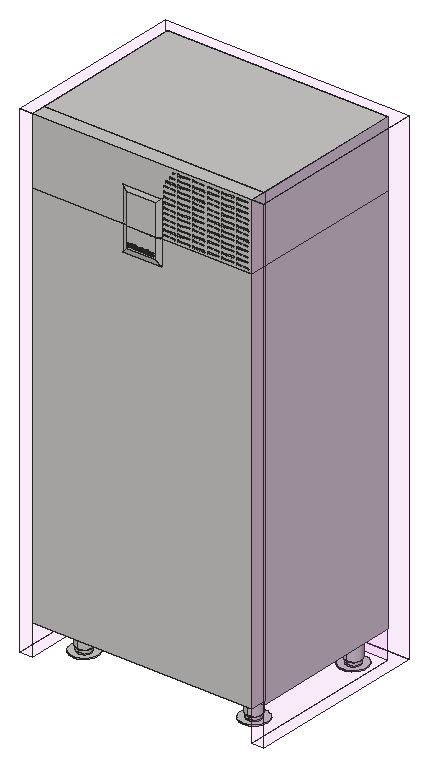
Revit family "QF_ELECTROLUXPROFESSIONAL_691380_PS09F1FM", category Specialty Equipment, Revit 2018
Family settings
  Round Connector Dimension = Use Diameter
  Part Type = Normal
  Work Plane-Based = No
  Always vertical = Yes
  Cut with Voids When Loaded = No
  Shared = No
  Room Calculation Point = No
Parameters (values of type "Standard")
  Weight = 22.6321 lbm
  Watts = 0 W
  Volts = 220 V
  URL Manufacturer = "http://professional.electrolux.com"
  URL = "http://professional.electrolux.com"
  Steam Supply Size = 0"
  Steam Supply Minimum Pressure = 0.00 psi
  Steam Supply Maximum Pressure = 0.00 psi
  Steam Pounds per Hour = 0
  Show Clearance [instance] = yes
  Refrigeration Suction Line Size = 0"
  Refrigeration Liquid Line Size = 0"
  Refrigerant Compressor Remote = yes
  Phase = 1
  Model = "PS09F1FM"
  Manufacturer = "Electrolux Professional"
  Length Actual = 900 mm  # constant formula
  Item Number = "691380"
  Hot Water Size = 0"
  Height Actual = 2040 mm  # constant formula
  HP = "0.9 HP"
  Gas Size = 0"
  Gas KW = 0
  Gas Input Pressure = 0.0 Btu/h
  Direct Waste Size = 0"
  Description = "1-DOOR FREEZER 720L-15/-22°,PROST,50/60HZ,MAR"
  Depth Actual = 700 mm  # constant formula
  Cycle = 60 Hz
  Condensate Return Size = 0"
  Compressed Air Volume = 0 GPM
  Compressed Air Size = 0"
  Compressed Air Pressure = 0.00 psi
  Cold Water Size = 0"
  Accessory = yes
Types (2, lengths in mm): name | URL | Phase | Model | Manufacturer | Description
  (no name) | "http://professional.electrolux.com/" | 0 | "RBC201" | "Electrolux" | "BLAST CHILLER 56 KG 20 GN1/1"
  Standard | "http://professional.electrolux.com" | 1 | "PS09F1FM" | "Electrolux Professional" | "1-DOOR FREEZER 720L-15/-22°,PROST,50/60HZ,MAR"
Values of the unnamed type that differ from the named types
  Volts = 380 V
  URL Manufacturer = "http://professional.electrolux.com/"
  Item Number = "726624"
  Cycle = 50 Hz
Reference planes
  plane 1 "BACK": y = 0
  plane 2: z = 0
  plane 3 "LEFT": x = 0
  plane 4 "RIGHT": x = 900
  plane 5 "FRONT": y = -700
  plane 6 "TOP": z = 2040
  plane 7 "Center Y": x = 450
  plane 8 "Center X": y = -350
  plane 9: x = 102
  plane 10: x = 798
  plane 11: z = 115
  plane 12: z = 86
  plane 13: y = -80
  plane 14: y = -694
  plane 15: y = -1527
  plane 16: y = -630
  plane 17: z = 1770
  plane 18: x = -50
  plane 19: y = 50
  plane 20: x = 950
  plane 21: z = 1995
Forms (mm)
  Extrusion 1, solid, material "QF_Metal - Stainless - Polished"
    sketch origin (0, 0, 0) x (1, 0, 0) y (0, 0, 1)
      loop
        line (0, 1995) -> (0, 1725) -> (900, 1725) -> (900, 1995) -> (0, 1995)
    from 0 to 630
  Extrusion 2, solid, material "QF_Metal - Stainless - Polished"
    sketch origin (0, 0, 0) x (1, 0, 0) y (0, 0, 1)
      loop
        line (0, 1725) -> (0, 115) -> (900, 115) -> (900, 1725) -> (0, 1725)
    from 0 to 630
  Extrusion 3, solid, material "QF_Metal - Stainless - Polished"
    sketch origin (-370, 0, -128) x (1, 0, 0) y (0, 0, 1)
      loop
        circle (450, 1847.083) r 20
    from -7.507 to 0
  Extrusion 4, solid, material "QF_Door-Drawer Clearances", visible <- "Show Clearance", detail levels coarse
    sketch origin (0, 0, 0) x (1, 0, 0) y (0, 1, 0)
      loop
        line (900, -694) -> (0, -694)
        arc (0, -694) -> (275.209, -1299.35) -> (900, -1527) r 859.201
        line (900, -1527) -> (900, -694)
    from 127.536 to 1725
  Extrusion 5, solid, material "QF_Metal - Stainless - Polished"
    sketch origin (0, 130.478, -45) x (1, 0, 0) y (0, 0, 1)
      loop
        line (0, 2040) -> (0, 1770) -> (900, 1770) -> (900, 2040) -> (0, 2040)
    from 760.478 to 824.478
  Extrusion 6, solid, material "QF_Metal - Stainless - Polished"
    sketch origin (0, 140, 0) x (1, 0, 0) y (0, 0, 1)
      loop
        line (0, 1725) -> (0, 127.536) -> (900, 127.536) -> (900, 1725) -> (0, 1725)
    from 834 to 770
  Revolve 7, solid, material "QF_Metal - Stainless - Polished"
    sketch origin (798, -2.833, 0) x (0, 1, 0) y (0, 0, -1)
      loop
        line (-590.954, -115) -> (-553.167, -115) -> (-553.167, 0) -> (-578.757, 0)
        arc (-578.757, 0) -> (-580.973, -2.655) -> (-581.767, -6.021) r 7.527
        line (-581.767, -6.021) -> (-581.767, -17.561) -> (-585.28, -21.074) -> (-585.28, -110.008) -> (-590.954, -110.008) -> (-590.954, -115)
      axis (-553.167, 0) -> (-553.167, -115)
    angle from 0 to 360
  Revolve 8, solid, material "QF_Metal - Stainless - Polished"
    sketch origin (102, -2.833, 0) x (0, 1, 0) y (0, 0, 1)
      loop
        line (-590.954, 115) -> (-590.954, 110.008) -> (-585.28, 110.008) -> (-585.28, 21.074) -> (-581.767, 17.561) -> (-581.767, 6.021)
        arc (-581.767, 6.021) -> (-580.973, 2.655) -> (-578.757, 0) r 7.527
        line (-578.757, 0) -> (-553.167, 0) -> (-553.167, 115) -> (-590.954, 115)
      axis (-553.167, 0) -> (-553.167, 115)
    angle from 0 to 360
  Revolve 9, solid, material "QF_Metal - Stainless - Polished"
    sketch origin (824, -759.167, 0) x (0, -1, 0) y (0, 0, 1)
      loop
        line (-716.954, 115) -> (-716.954, 110.008) -> (-711.28, 110.008) -> (-711.28, 21.074) -> (-707.767, 17.561) -> (-707.767, 6.021)
        arc (-707.767, 6.021) -> (-706.973, 2.655) -> (-704.757, 0) r 7.527
        line (-704.757, 0) -> (-679.167, 0) -> (-679.167, 115) -> (-716.954, 115)
      axis (-679.167, 0) -> (-679.167, 115)
    angle from 0 to 360
  Revolve 10, solid, material "QF_Metal - Stainless - Polished"
    sketch origin (76, -759.167, 0) x (0, -1, 0) y (0, 0, 1)
      loop
        line (-716.954, 115) -> (-716.954, 110.008) -> (-711.28, 110.008) -> (-711.28, 21.074) -> (-707.767, 17.561) -> (-707.767, 6.021)
        arc (-707.767, 6.021) -> (-706.973, 2.655) -> (-704.757, 0) r 7.527
        line (-704.757, 0) -> (-679.167, 0) -> (-679.167, 115) -> (-716.954, 115)
      axis (-679.167, 0) -> (-679.167, 115)
    angle from 0 to 360
  Blend 11, solid, material "QF_Metal - Stainless - Polished"
    base sketch origin (0, -694, 0) x (1, 0, 0) y (0, 0, 1)
      loop
        line (370, 1869.822) -> (370, 1619.822) -> (530, 1619.822) -> (530, 1869.822) -> (370, 1869.822)
    top sketch origin (0, -694, 0) x (1, 0, 0) y (0, 0, 1)
      loop
        line (510, 1849.822) -> (390, 1849.822) -> (390, 1639.822) -> (510, 1639.822) -> (510, 1849.822)
    from 0 to 6
  Extrusion 12, void
    sketch origin (10, -700, 0) x (-1, 0, 0) y (0, 0, 1)
      loop
        line (-370, 1725.997) -> (-530, 1725.997) -> (-530, 1724.003) -> (-370, 1724.003) -> (-370, 1725.997)
    from 0 to 6
  Extrusion 13, solid, material "QF_Door-Drawer Clearances"
    sketch origin (0, 0, 0) x (1, 0, 0) y (0, 1, 0)
      loop
        line (0, -694) -> (0, 0) -> (900, 0) -> (900, -694) -> (950, -694) -> (950, 50) -> (-50, 50) -> (-50, -694) -> (0, -694)
    from 0 to 1995
  Extrusion 14, solid, material "QF_Metal - Stainless - Polished"
    sketch origin (102, -556, 0) x (0, -1, 0) y (-1, 0, 0)
      loop
        circle (0, 0) r 55.59
    from 0 to -1.917
  Extrusion 15, solid, material "QF_Metal - Stainless - Polished"
    sketch origin (76, -80, 0) x (0, -1, 0) y (-1, 0, 0)
      loop
        circle (0, 0) r 55.59
    from 0 to -1.917
  Extrusion 16, solid, material "QF_Metal - Stainless - Polished"
    sketch origin (798, -556, 0) x (0, 1, 0) y (1, 0, 0)
      loop
        circle (0, 0) r 55.59
    from 0 to -1.917
  Extrusion 17, solid, material "QF_Metal - Stainless - Polished"
    sketch origin (824, -80, 0) x (0, 1, 0) y (1, 0, 0)
      loop
        circle (0, 0) r 55.59
    from 0 to -1.917
  Extrusion 18, void
    sketch origin (-140, -700, 0) x (-1, 0, 0) y (0, 0, 1)
      loop
        line (-370, 1725.997) -> (-530, 1725.997) -> (-530, 1724.003) -> (-370, 1724.003) -> (-370, 1725.997)
    from 0 to 6
  Extrusion 19, void
    sketch origin (300, -694, -45) x (-1, 0, 0) y (0, 0, 1)
      loop
        line (-537.804, 1788.817) -> (-587.804, 1788.817) -> (-587.804, 1780.817) -> (-537.804, 1780.817) -> (-537.804, 1788.817)
      loop
        line (-477.804, 1788.817) -> (-527.804, 1788.817) -> (-527.804, 1780.817) -> (-477.804, 1780.817) -> (-477.804, 1788.817)
      loop
        line (-417.804, 1788.817) -> (-467.804, 1788.817) -> (-467.804, 1780.817) -> (-417.804, 1780.817) -> (-417.804, 1788.817)
    from 0 to 2
  Extrusion 20, void
    sketch origin (300, -694, 195) x (-1, 0, 0) y (0, 0, 1)
      loop
        line (-537.804, 1788.817) -> (-587.804, 1788.817) -> (-587.804, 1780.817) -> (-537.804, 1780.817) -> (-537.804, 1788.817)
      loop
        line (-477.804, 1788.817) -> (-527.804, 1788.817) -> (-527.804, 1780.817) -> (-477.804, 1780.817) -> (-477.804, 1788.817)
      loop
        line (-417.804, 1788.817) -> (-467.804, 1788.817) -> (-467.804, 1780.817) -> (-417.804, 1780.817) -> (-417.804, 1788.817)
    from 0 to 2
  Extrusion 21, void
    sketch origin (300, -694, -25) x (-1, 0, 0) y (0, 0, 1)
      loop
        line (-537.804, 1788.817) -> (-587.804, 1788.817) -> (-587.804, 1780.817) -> (-537.804, 1780.817) -> (-537.804, 1788.817)
      loop
        line (-477.804, 1788.817) -> (-527.804, 1788.817) -> (-527.804, 1780.817) -> (-477.804, 1780.817) -> (-477.804, 1788.817)
      loop
        line (-417.804, 1788.817) -> (-467.804, 1788.817) -> (-467.804, 1780.817) -> (-417.804, 1780.817) -> (-417.804, 1788.817)
    from 0 to 2
  Extrusion 22, void
    sketch origin (300, -694, -5) x (-1, 0, 0) y (0, 0, 1)
      loop
        line (-537.804, 1788.817) -> (-587.804, 1788.817) -> (-587.804, 1780.817) -> (-537.804, 1780.817) -> (-537.804, 1788.817)
      loop
        line (-477.804, 1788.817) -> (-527.804, 1788.817) -> (-527.804, 1780.817) -> (-477.804, 1780.817) -> (-477.804, 1788.817)
      loop
        line (-417.804, 1788.817) -> (-467.804, 1788.817) -> (-467.804, 1780.817) -> (-417.804, 1780.817) -> (-417.804, 1788.817)
    from 0 to 2
  Extrusion 23, void
    sketch origin (300, -694, 15) x (-1, 0, 0) y (0, 0, 1)
      loop
        line (-537.804, 1788.817) -> (-587.804, 1788.817) -> (-587.804, 1780.817) -> (-537.804, 1780.817) -> (-537.804, 1788.817)
      loop
        line (-477.804, 1788.817) -> (-527.804, 1788.817) -> (-527.804, 1780.817) -> (-477.804, 1780.817) -> (-477.804, 1788.817)
      loop
        line (-417.804, 1788.817) -> (-467.804, 1788.817) -> (-467.804, 1780.817) -> (-417.804, 1780.817) -> (-417.804, 1788.817)
    from 0 to 2
  Extrusion 24, void
    sketch origin (300, -694, 35) x (-1, 0, 0) y (0, 0, 1)
      loop
        line (-537.804, 1788.817) -> (-587.804, 1788.817) -> (-587.804, 1780.817) -> (-537.804, 1780.817) -> (-537.804, 1788.817)
      loop
        line (-477.804, 1788.817) -> (-527.804, 1788.817) -> (-527.804, 1780.817) -> (-477.804, 1780.817) -> (-477.804, 1788.817)
      loop
        line (-417.804, 1788.817) -> (-467.804, 1788.817) -> (-467.804, 1780.817) -> (-417.804, 1780.817) -> (-417.804, 1788.817)
    from 0 to 2
  Extrusion 25, void
    sketch origin (300, -694, 55) x (-1, 0, 0) y (0, 0, 1)
      loop
        line (-537.804, 1788.817) -> (-587.804, 1788.817) -> (-587.804, 1780.817) -> (-537.804, 1780.817) -> (-537.804, 1788.817)
      loop
        line (-477.804, 1788.817) -> (-527.804, 1788.817) -> (-527.804, 1780.817) -> (-477.804, 1780.817) -> (-477.804, 1788.817)
      loop
        line (-417.804, 1788.817) -> (-467.804, 1788.817) -> (-467.804, 1780.817) -> (-417.804, 1780.817) -> (-417.804, 1788.817)
    from 0 to 2
  Extrusion 26, void
    sketch origin (300, -694, 75) x (-1, 0, 0) y (0, 0, 1)
      loop
        line (-537.804, 1788.817) -> (-587.804, 1788.817) -> (-587.804, 1780.817) -> (-537.804, 1780.817) -> (-537.804, 1788.817)
      loop
        line (-477.804, 1788.817) -> (-527.804, 1788.817) -> (-527.804, 1780.817) -> (-477.804, 1780.817) -> (-477.804, 1788.817)
      loop
        line (-417.804, 1788.817) -> (-467.804, 1788.817) -> (-467.804, 1780.817) -> (-417.804, 1780.817) -> (-417.804, 1788.817)
    from 0 to 2
  Extrusion 27, void
    sketch origin (300, -694, 95) x (-1, 0, 0) y (0, 0, 1)
      loop
        line (-537.804, 1788.817) -> (-587.804, 1788.817) -> (-587.804, 1780.817) -> (-537.804, 1780.817) -> (-537.804, 1788.817)
      loop
        line (-477.804, 1788.817) -> (-527.804, 1788.817) -> (-527.804, 1780.817) -> (-477.804, 1780.817) -> (-477.804, 1788.817)
      loop
        line (-417.804, 1788.817) -> (-467.804, 1788.817) -> (-467.804, 1780.817) -> (-417.804, 1780.817) -> (-417.804, 1788.817)
    from 0 to 2
  Extrusion 28, void
    sketch origin (300, -694, 115) x (-1, 0, 0) y (0, 0, 1)
      loop
        line (-537.804, 1788.817) -> (-587.804, 1788.817) -> (-587.804, 1780.817) -> (-537.804, 1780.817) -> (-537.804, 1788.817)
      loop
        line (-477.804, 1788.817) -> (-527.804, 1788.817) -> (-527.804, 1780.817) -> (-477.804, 1780.817) -> (-477.804, 1788.817)
      loop
        line (-417.804, 1788.817) -> (-467.804, 1788.817) -> (-467.804, 1780.817) -> (-417.804, 1780.817) -> (-417.804, 1788.817)
    from 0 to 2
  Extrusion 29, void
    sketch origin (300, -694, 135) x (-1, 0, 0) y (0, 0, 1)
      loop
        line (-537.804, 1788.817) -> (-587.804, 1788.817) -> (-587.804, 1780.817) -> (-537.804, 1780.817) -> (-537.804, 1788.817)
      loop
        line (-477.804, 1788.817) -> (-527.804, 1788.817) -> (-527.804, 1780.817) -> (-477.804, 1780.817) -> (-477.804, 1788.817)
      loop
        line (-417.804, 1788.817) -> (-467.804, 1788.817) -> (-467.804, 1780.817) -> (-417.804, 1780.817) -> (-417.804, 1788.817)
    from 0 to 2
  Extrusion 30, void
    sketch origin (300, -694, 155) x (-1, 0, 0) y (0, 0, 1)
      loop
        line (-537.804, 1788.817) -> (-587.804, 1788.817) -> (-587.804, 1780.817) -> (-537.804, 1780.817) -> (-537.804, 1788.817)
      loop
        line (-477.804, 1788.817) -> (-527.804, 1788.817) -> (-527.804, 1780.817) -> (-477.804, 1780.817) -> (-477.804, 1788.817)
      loop
        line (-417.804, 1788.817) -> (-467.804, 1788.817) -> (-467.804, 1780.817) -> (-417.804, 1780.817) -> (-417.804, 1788.817)
    from 0 to 2
  Extrusion 31, void
    sketch origin (300, -694, 175) x (-1, 0, 0) y (0, 0, 1)
      loop
        line (-537.804, 1788.817) -> (-587.804, 1788.817) -> (-587.804, 1780.817) -> (-537.804, 1780.817) -> (-537.804, 1788.817)
      loop
        line (-477.804, 1788.817) -> (-527.804, 1788.817) -> (-527.804, 1780.817) -> (-477.804, 1780.817) -> (-477.804, 1788.817)
      loop
        line (-417.804, 1788.817) -> (-467.804, 1788.817) -> (-467.804, 1780.817) -> (-417.804, 1780.817) -> (-417.804, 1788.817)
    from 0 to 2
  Extrusion 32, void
    sketch origin (120, -694, -45) x (-1, 0, 0) y (0, 0, 1)
      loop
        line (-537.804, 1788.817) -> (-587.804, 1788.817) -> (-587.804, 1780.817) -> (-537.804, 1780.817) -> (-537.804, 1788.817)
      loop
        line (-477.804, 1788.817) -> (-527.804, 1788.817) -> (-527.804, 1780.817) -> (-477.804, 1780.817) -> (-477.804, 1788.817)
      loop
        line (-417.804, 1788.817) -> (-467.804, 1788.817) -> (-467.804, 1780.817) -> (-417.804, 1780.817) -> (-417.804, 1788.817)
    from 0 to 2
  Extrusion 33, void
    sketch origin (120, -694, 195) x (-1, 0, 0) y (0, 0, 1)
      loop
        line (-537.804, 1788.817) -> (-587.804, 1788.817) -> (-587.804, 1780.817) -> (-537.804, 1780.817) -> (-537.804, 1788.817)
      loop
        line (-477.804, 1788.817) -> (-527.804, 1788.817) -> (-527.804, 1780.817) -> (-477.804, 1780.817) -> (-477.804, 1788.817)
      loop
        line (-453.929, 1788.817) -> (-467.804, 1788.817) -> (-467.804, 1780.817) -> (-453.929, 1780.817) -> (-453.929, 1788.817)
    from 0 to 2
  Extrusion 34, void
    sketch origin (120, -694, -25) x (-1, 0, 0) y (0, 0, 1)
      loop
        line (-537.804, 1788.817) -> (-587.804, 1788.817) -> (-587.804, 1780.817) -> (-537.804, 1780.817) -> (-537.804, 1788.817)
      loop
        line (-477.804, 1788.817) -> (-527.804, 1788.817) -> (-527.804, 1780.817) -> (-477.804, 1780.817) -> (-477.804, 1788.817)
      loop
        line (-417.804, 1788.817) -> (-467.804, 1788.817) -> (-467.804, 1780.817) -> (-417.804, 1780.817) -> (-417.804, 1788.817)
    from 0 to 2
  Extrusion 35, void
    sketch origin (120, -694, -5) x (-1, 0, 0) y (0, 0, 1)
      loop
        line (-537.804, 1788.817) -> (-587.804, 1788.817) -> (-587.804, 1780.817) -> (-537.804, 1780.817) -> (-537.804, 1788.817)
      loop
        line (-477.804, 1788.817) -> (-527.804, 1788.817) -> (-527.804, 1780.817) -> (-477.804, 1780.817) -> (-477.804, 1788.817)
      loop
        line (-417.804, 1788.817) -> (-467.804, 1788.817) -> (-467.804, 1780.817) -> (-417.804, 1780.817) -> (-417.804, 1788.817)
    from 0 to 2
  Extrusion 36, void
    sketch origin (120, -694, 15) x (-1, 0, 0) y (0, 0, 1)
      loop
        line (-537.804, 1788.817) -> (-587.804, 1788.817) -> (-587.804, 1780.817) -> (-537.804, 1780.817) -> (-537.804, 1788.817)
      loop
        line (-477.804, 1788.817) -> (-527.804, 1788.817) -> (-527.804, 1780.817) -> (-477.804, 1780.817) -> (-477.804, 1788.817)
      loop
        line (-417.804, 1788.817) -> (-467.804, 1788.817) -> (-467.804, 1780.817) -> (-417.804, 1780.817) -> (-417.804, 1788.817)
    from 0 to 2
  Extrusion 37, void
    sketch origin (120, -694, 35) x (-1, 0, 0) y (0, 0, 1)
      loop
        line (-537.804, 1788.817) -> (-587.804, 1788.817) -> (-587.804, 1780.817) -> (-537.804, 1780.817) -> (-537.804, 1788.817)
      loop
        line (-477.804, 1788.817) -> (-527.804, 1788.817) -> (-527.804, 1780.817) -> (-477.804, 1780.817) -> (-477.804, 1788.817)
      loop
        line (-417.804, 1788.817) -> (-467.804, 1788.817) -> (-467.804, 1780.817) -> (-417.804, 1780.817) -> (-417.804, 1788.817)
    from 0 to 2
  Extrusion 38, void
    sketch origin (120, -694, 55) x (-1, 0, 0) y (0, 0, 1)
      loop
        line (-537.804, 1788.817) -> (-587.804, 1788.817) -> (-587.804, 1780.817) -> (-537.804, 1780.817) -> (-537.804, 1788.817)
      loop
        line (-477.804, 1788.817) -> (-527.804, 1788.817) -> (-527.804, 1780.817) -> (-477.804, 1780.817) -> (-477.804, 1788.817)
      loop
        line (-417.804, 1788.817) -> (-467.804, 1788.817) -> (-467.804, 1780.817) -> (-417.804, 1780.817) -> (-417.804, 1788.817)
    from 0 to 2
  Extrusion 39, void
    sketch origin (120, -694, 75) x (-1, 0, 0) y (0, 0, 1)
      loop
        line (-537.804, 1788.817) -> (-587.804, 1788.817) -> (-587.804, 1780.817) -> (-537.804, 1780.817) -> (-537.804, 1788.817)
      loop
        line (-477.804, 1788.817) -> (-527.804, 1788.817) -> (-527.804, 1780.817) -> (-477.804, 1780.817) -> (-477.804, 1788.817)
      loop
        line (-417.804, 1788.817) -> (-467.804, 1788.817) -> (-467.804, 1780.817) -> (-417.804, 1780.817) -> (-417.804, 1788.817)
    from 0 to 2
  Extrusion 40, void
    sketch origin (120, -694, 95) x (-1, 0, 0) y (0, 0, 1)
      loop
        line (-537.804, 1788.817) -> (-587.804, 1788.817) -> (-587.804, 1780.817) -> (-537.804, 1780.817) -> (-537.804, 1788.817)
      loop
        line (-477.804, 1788.817) -> (-527.804, 1788.817) -> (-527.804, 1780.817) -> (-477.804, 1780.817) -> (-477.804, 1788.817)
      loop
        line (-417.804, 1788.817) -> (-467.804, 1788.817) -> (-467.804, 1780.817) -> (-417.804, 1780.817) -> (-417.804, 1788.817)
    from 0 to 2
  Extrusion 41, void
    sketch origin (120, -694, 115) x (-1, 0, 0) y (0, 0, 1)
      loop
        line (-537.804, 1788.817) -> (-587.804, 1788.817) -> (-587.804, 1780.817) -> (-537.804, 1780.817) -> (-537.804, 1788.817)
      loop
        line (-477.804, 1788.817) -> (-527.804, 1788.817) -> (-527.804, 1780.817) -> (-477.804, 1780.817) -> (-477.804, 1788.817)
      loop
        line (-417.804, 1788.817) -> (-467.804, 1788.817) -> (-467.804, 1780.817) -> (-417.804, 1780.817) -> (-417.804, 1788.817)
    from 0 to 2
  Extrusion 42, void
    sketch origin (120, -694, 135) x (-1, 0, 0) y (0, 0, 1)
      loop
        line (-537.804, 1788.817) -> (-587.804, 1788.817) -> (-587.804, 1780.817) -> (-537.804, 1780.817) -> (-537.804, 1788.817)
      loop
        line (-477.804, 1788.817) -> (-527.804, 1788.817) -> (-527.804, 1780.817) -> (-477.804, 1780.817) -> (-477.804, 1788.817)
      loop
        line (-417.804, 1788.817) -> (-467.804, 1788.817) -> (-467.804, 1780.817) -> (-417.804, 1780.817) -> (-417.804, 1788.817)
    from 0 to 2
  Extrusion 43, void
    sketch origin (120, -694, 155) x (-1, 0, 0) y (0, 0, 1)
      loop
        line (-537.804, 1788.817) -> (-587.804, 1788.817) -> (-587.804, 1780.817) -> (-537.804, 1780.817) -> (-537.804, 1788.817)
      loop
        line (-477.804, 1788.817) -> (-527.804, 1788.817) -> (-527.804, 1780.817) -> (-477.804, 1780.817) -> (-477.804, 1788.817)
      loop
        line (-426.702, 1788.817) -> (-467.804, 1788.817) -> (-467.804, 1780.817) -> (-426.702, 1780.817) -> (-426.702, 1788.817)
    from 0 to 2
  Extrusion 44, void
    sketch origin (120, -694, 175) x (-1, 0, 0) y (0, 0, 1)
      loop
        line (-537.804, 1788.817) -> (-587.804, 1788.817) -> (-587.804, 1780.817) -> (-537.804, 1780.817) -> (-537.804, 1788.817)
      loop
        line (-477.804, 1788.817) -> (-527.804, 1788.817) -> (-527.804, 1780.817) -> (-477.804, 1780.817) -> (-477.804, 1788.817)
      loop
        line (-441.24, 1788.817) -> (-467.804, 1788.817) -> (-467.804, 1780.817) -> (-441.24, 1780.817) -> (-441.24, 1788.817)
    from 0 to 2
Cuts and joins
  Extrusion 12 cuts Extrusion 1
  Extrusion 12 cuts Extrusion 2
  Extrusion 12, Extrusion 18, Extrusion 19, Extrusion 20, Extrusion 21, Extrusion 22, Extrusion 23, Extrusion 24, Extrusion 25, Extrusion 26, Extrusion 27, Extrusion 28, Extrusion 29, Extrusion 30, Extrusion 31, Extrusion 32, Extrusion 33, Extrusion 34, Extrusion 35, Extrusion 36, Extrusion 37, Extrusion 38, Extrusion 39, Extrusion 40, Extrusion 41, Extrusion 42, Extrusion 43, Extrusion 44 cuts Extrusion 5
  Extrusion 12, Extrusion 18 cuts Extrusion 6
  Extrusion 12, Extrusion 18, Extrusion 19, Extrusion 21, Extrusion 22, Extrusion 23, Extrusion 24, Extrusion 25, Extrusion 26 cuts Blend 11
  Extrusion 18 cuts Extrusion 4
Lines and regions (mm)
  Split face 1
    outline origin (0, -700, 0) x (1, 0, 0) y (0, 0, 1)
      loop
        line (415, 1849.822) -> (415, 1697.499) -> (485, 1697.499) -> (485, 1849.822)
  symbolic lines
    curve 1: line (0, 0, 0) -> (900, 0, 0)
    curve 2: line (0, -694, 0) -> (0, 0, 0)
    curve 3: line (900, -694, 0) -> (0, -694, 0)
    curve 4: line (900, 0, 0) -> (900, -694, 0)
    curve 5: line (0, -630, 0) -> (900, -630, 0)
    curve 6: line (370, -694, 0) -> (390, -700, 0)
    curve 7: line (390, -700, 0) -> (510, -700, 0)
    curve 8: line (510, -700, 0) -> (530, -694, 0)
  symbolic lines, style "QF_Door-Drawer Clearances"
    curve 9: arc (0, -694, 0) -> (275.209, -1299.35, 0) -> (900, -1527, 0) r 859.201
    curve 10: line (900, -1527, 0) -> (900, -694, 0)
    curve 11: line (0, -694, 0) -> (-50, -694, 0)
    curve 12: line (-50, -694, 0) -> (-50, 50, 0)
    curve 13: line (-50, 50, 0) -> (950, 50, 0)
    curve 14: line (950, 50, 0) -> (950, -694, 0)
    curve 15: line (950, -694, 0) -> (900, -694, 0)
Dimensions and locks
  equal spacing: plane 3 "LEFT", plane 7 "Center Y", plane 4 "RIGHT"
  plane 3 "LEFT" to plane 4 "RIGHT" = 900 mm
  equal spacing: plane 5 "FRONT", plane 8 "Center X", plane 1 "BACK"
  plane 5 "FRONT" to plane 1 "BACK" = 700 mm
  plane 6 "TOP" to level = 2040 mm
  plane 9 to plane 3 "LEFT" = 102 mm
  plane 10 to plane 4 "RIGHT" = 102 mm
  plane 10 to plane 9 = 696 mm
  plane 11 to level = 115 mm
  plane 12 to plane 11 = 29 mm
  plane 1 "BACK" to plane 13 = 80 mm
  plane 15 to plane 1 "BACK" = 1527 mm
  plane 3 "LEFT" to Extrusion 4 = 900 mm
  plane 11 to plane 2 = 115 mm
  plane 1 "BACK" to plane 16 = 630 mm
  plane 18 to plane 3 "LEFT" = 50 mm
  plane 4 "RIGHT" to plane 20 = 50 mm
  plane 1 "BACK" to plane 19 = 50 mm
  plane 21 to level = 1995 mm
  aligned and locked: level to plane 2
  aligned and locked: Extrusion 5 to plane 4 "RIGHT"
  aligned and locked: Extrusion 5 to plane 3 "LEFT"
  aligned and locked: plane 5 "FRONT" to Blend 11
Automatic sketch dimensions
  curve 13 to plane 18 = 0 mm
  curve 3 to plane 3 "LEFT" = 0 mm
  plane 14 to curve 6 = 0 mm
  plane 5 "FRONT" to curve 7 = 0 mm
  curve 9 to plane 4 "RIGHT" = 0 mm
  curve 5 to plane 4 "RIGHT" = 0 mm
  curve 14 to plane 20 = 0 mm
  curve 10 to plane 15 = 0 mm
  curve 5 to plane 16 = 0 mm
  plane 1 "BACK" to curve 4 = 0 mm
  curve 13 to plane 19 = 0 mm
  curve 7 to plane 7 "Center Y" = 60 mm
  plane 7 "Center Y" to curve 8 = 60 mm
  curve 9 to plane 14 = 25.214 mm
  curve 6 to curve 6 = 20 mm
  curve 7 to curve 8 = 20 mm
  Extrusion 1 sketch curve to plane 3 "LEFT" = 0 mm
  plane 4 "RIGHT" to Extrusion 1 sketch curve = 0 mm
  Extrusion 1 sketch curve to plane 21 = 0 mm
  Extrusion 1 sketch curve to plane 17 = 45 mm
  Extrusion 2 sketch curve to plane 3 "LEFT" = 0 mm
  plane 4 "RIGHT" to Extrusion 2 sketch curve = 0 mm
  Extrusion 2 sketch curve to plane 11 = 0 mm
  Extrusion 2 sketch curve to plane 17 = 45 mm
  Extrusion 3 sketch curve to plane 9 = 22 mm
  Extrusion 3 sketch curve to plane 17 = 50.917 mm
  Extrusion 4 sketch curve to plane 3 "LEFT" = 0 mm
  Extrusion 4 sketch curve to plane 4 "RIGHT" = 0 mm
  Extrusion 4 sketch curve to plane 15 = 0 mm
  plane 14 to Extrusion 4 sketch curve = 0 mm
  Extrusion 4 sketch curve to plane 14 = 25.214 mm
  Extrusion 5 sketch curve to plane 3 "LEFT" = 0 mm
  plane 4 "RIGHT" to Extrusion 5 sketch curve = 0 mm
  Extrusion 5 sketch curve to plane 21 = 0 mm
  Extrusion 5 sketch curve to plane 17 = 45 mm
  Extrusion 6 sketch curve to plane 3 "LEFT" = 0 mm
  plane 4 "RIGHT" to Extrusion 6 sketch curve = 0 mm
  plane 11 to Extrusion 6 sketch curve = 12.536 mm
  Extrusion 6 sketch curve to plane 17 = 45 mm
  plane 11 to Revolve 7 sketch curve = 0 mm
  Revolve 7 sketch curve to level = 0 mm
  plane 16 to Revolve 7 sketch curve = 36.213 mm
  Revolve 7 sketch curve to Revolve 7 sketch curve = 5.674 mm
  Revolve 7 sketch curve to Revolve 7 sketch curve = 3.513 mm  (x2)
  Revolve 7 sketch curve to Revolve 7 sketch curve = 3.01 mm
  level to Revolve 7 sketch curve = 6.021 mm
  Revolve 7 sketch curve to Revolve 7 sketch curve = 21.073 mm
  Revolve 7 sketch curve to plane 11 = 4.992 mm  (x2)
  Revolve 7 sketch curve to Revolve 7 sketch curve = 15.053 mm
  Revolve 7 sketch curve to Revolve 7 sketch curve = 0 mm
  Revolve 7 sketch curve to Revolve 7 sketch curve = 20.008 mm
  Revolve 8 sketch curve to plane 11 = 0 mm
  Revolve 8 sketch curve to level = 0 mm
  plane 16 to Revolve 8 sketch curve = 36.213 mm
  Revolve 8 sketch curve to Revolve 8 sketch curve = 5.674 mm
  Revolve 8 sketch curve to Revolve 8 sketch curve = 3.513 mm  (x2)
  Revolve 8 sketch curve to Revolve 8 sketch curve = 3.01 mm
  level to Revolve 8 sketch curve = 6.021 mm
  Revolve 8 sketch curve to Revolve 8 sketch curve = 21.073 mm
  Revolve 8 sketch curve to Revolve 8 sketch curve = 11.54 mm
  Revolve 8 sketch curve to plane 11 = 4.992 mm
  Revolve 8 sketch curve to Revolve 8 sketch curve = 0 mm
  Revolve 8 sketch curve to Revolve 8 sketch curve = 4.992 mm
  plane 11 to Revolve 8 sketch curve = 20.008 mm
  Revolve 9 sketch curve to plane 11 = 0 mm
  Revolve 9 sketch curve to level = 0 mm
  Revolve 9 sketch curve to plane 13 = 0 mm  (x2)
  level to Revolve 9 sketch curve = 6.021 mm
  Revolve 9 sketch curve to plane 13 = 21.073 mm
  Revolve 9 sketch curve to Revolve 9 sketch curve = 4.517 mm
  Revolve 9 sketch curve to Revolve 9 sketch curve = 3.513 mm  (x2)
  Revolve 9 sketch curve to Revolve 9 sketch curve = 5.674 mm
  Revolve 9 sketch curve to Revolve 9 sketch curve = 11.54 mm
  Revolve 9 sketch curve to plane 11 = 4.992 mm
  Revolve 9 sketch curve to Revolve 9 sketch curve = 4.992 mm
  plane 11 to Revolve 9 sketch curve = 20.008 mm
  Revolve 10 sketch curve to plane 11 = 0 mm
  Revolve 10 sketch curve to level = 0 mm
  Revolve 10 sketch curve to plane 13 = 0 mm  (x2)
  Revolve 10 sketch curve to level = 6.021 mm
  plane 13 to Revolve 10 sketch curve = 21.073 mm
  Revolve 10 sketch curve to Revolve 10 sketch curve = 4.517 mm
  Revolve 10 sketch curve to Revolve 10 sketch curve = 3.513 mm  (x2)
  Revolve 10 sketch curve to Revolve 10 sketch curve = 5.674 mm
  Revolve 10 sketch curve to Revolve 10 sketch curve = 11.54 mm
  plane 11 to Revolve 10 sketch curve = 4.992 mm  (x2)
  Revolve 10 sketch curve to Revolve 10 sketch curve = 20.008 mm
  Blend 11 sketch curve to Extrusion 6 = 105.178 mm
  Blend 11 sketch curve to Extrusion 6 = 370 mm
  Blend 11 sketch curve to Blend 11 sketch curve = 160 mm
  Extrusion 6 to Blend 11 sketch curve = 144.822 mm
  Extrusion 6 to Blend 11 sketch curve = 124.822 mm
  Blend 11 sketch curve to Extrusion 6 = 390 mm
  Blend 11 sketch curve to Blend 11 sketch curve = 120 mm
  Blend 11 sketch curve to Extrusion 6 = 85.178 mm
  Split face 1 sketch curve to Blend 11 = 0 mm  (x2)
  Split face 1 sketch curve to Blend 11 = 25 mm  (x2)
  Split face 1 sketch curve to Blend 11 = 57.677 mm
  Extrusion 12 sketch curve to Blend 11 = 30 mm
  Extrusion 12 sketch curve to Blend 11 = 10 mm
  Blend 11 to Extrusion 12 sketch curve = 84.181 mm
  Extrusion 12 sketch curve to Extrusion 12 sketch curve = 1.995 mm
  plane 14 to Extrusion 13 sketch curve = 0 mm  (x2)
  Extrusion 13 sketch curve to plane 18 = 0 mm
  Extrusion 13 sketch curve to plane 3 "LEFT" = 0 mm
  Extrusion 13 sketch curve to plane 4 "RIGHT" = 0 mm
  Extrusion 13 sketch curve to plane 19 = 0 mm
  Extrusion 13 sketch curve to plane 20 = 0 mm
  plane 1 "BACK" to Extrusion 13 sketch curve = 0 mm
  Extrusion 14 sketch curve to Extrusion 14 sketch curve = 0 mm  (x2)
  Extrusion 14 sketch curve to plane 9 = 0 mm
  plane 16 to Extrusion 14 sketch curve = 74 mm
  Extrusion 14 sketch curve to Extrusion 14 sketch curve = 55.59 mm
  Extrusion 15 sketch curve to Extrusion 15 sketch curve = 0 mm  (x2)
  plane 13 to Extrusion 15 sketch curve = 0 mm
  Extrusion 15 sketch curve to plane 9 = 26 mm
  plane 1 "BACK" to Extrusion 15 sketch curve = 24.41 mm
  Extrusion 16 sketch curve to Extrusion 16 sketch curve = 0 mm  (x2)
  Extrusion 16 sketch curve to plane 10 = 0 mm
  plane 16 to Extrusion 16 sketch curve = 74 mm
  plane 16 to Extrusion 16 sketch curve = 18.41 mm
  Extrusion 17 sketch curve to Extrusion 17 sketch curve = 0 mm  (x2)
  plane 13 to Extrusion 17 sketch curve = 0 mm
  Extrusion 17 sketch curve to plane 10 = 26 mm
  Extrusion 17 sketch curve to Extrusion 17 sketch curve = 55.59 mm
  Extrusion 18 sketch curve to plane 7 "Center Y" = 60 mm
  Extrusion 18 sketch curve to plane 17 = 45.997 mm
  plane 9 to Extrusion 18 sketch curve = 128 mm
  Extrusion 18 sketch curve to Extrusion 18 sketch curve = 1.995 mm
  plane 4 "RIGHT" to Extrusion 19 sketch curve = 12.196 mm
  Extrusion 19 sketch curve to plane 10 = 39.804 mm
  Extrusion 19 sketch curve to Extrusion 19 sketch curve = 10 mm  (x2)
  plane 10 to Extrusion 19 sketch curve = 20.196 mm
  Extrusion 19 sketch curve to Extrusion 19 sketch curve = 50 mm
  Extrusion 19 sketch curve to plane 17 = 34.183 mm  (x2)
  Extrusion 19 sketch curve to Extrusion 19 sketch curve = 0 mm
  Extrusion 19 sketch curve to Extrusion 19 sketch curve = 8 mm  (x3)
  plane 4 "RIGHT" to Extrusion 20 sketch curve = 12.196 mm
  Extrusion 20 sketch curve to plane 10 = 39.804 mm
  Extrusion 20 sketch curve to Extrusion 20 sketch curve = 10 mm  (x2)
  plane 10 to Extrusion 20 sketch curve = 20.196 mm
  Extrusion 20 sketch curve to Extrusion 20 sketch curve = 50 mm
  Extrusion 20 sketch curve to plane 21 = 19.183 mm  (x2)
  Extrusion 20 sketch curve to Extrusion 20 sketch curve = 0 mm
  Extrusion 20 sketch curve to Extrusion 20 sketch curve = 8 mm  (x3)
  Extrusion 21 sketch curve to plane 17 = 6.183 mm  (x3)
  plane 4 "RIGHT" to Extrusion 21 sketch curve = 12.196 mm
  Extrusion 21 sketch curve to plane 17 = 14.183 mm  (x3)
  Extrusion 21 sketch curve to plane 10 = 39.804 mm
  Extrusion 21 sketch curve to Extrusion 21 sketch curve = 10 mm  (x2)
  plane 10 to Extrusion 21 sketch curve = 20.196 mm
  Extrusion 21 sketch curve to Extrusion 21 sketch curve = 50 mm
  plane 4 "RIGHT" to Extrusion 22 sketch curve = 12.196 mm
  plane 17 to Extrusion 22 sketch curve = 5.817 mm  (x3)
  Extrusion 22 sketch curve to plane 10 = 39.804 mm
  Extrusion 22 sketch curve to Extrusion 22 sketch curve = 10 mm  (x2)
  plane 10 to Extrusion 22 sketch curve = 20.196 mm
  Extrusion 22 sketch curve to Extrusion 22 sketch curve = 50 mm
  Extrusion 22 sketch curve to Extrusion 22 sketch curve = 8 mm  (x3)
  plane 4 "RIGHT" to Extrusion 23 sketch curve = 12.196 mm
  Extrusion 23 sketch curve to plane 10 = 39.804 mm
  Extrusion 23 sketch curve to Extrusion 23 sketch curve = 10 mm  (x2)
  plane 10 to Extrusion 23 sketch curve = 20.196 mm
  Extrusion 23 sketch curve to Extrusion 23 sketch curve = 50 mm
  plane 17 to Extrusion 23 sketch curve = 25.817 mm  (x2)
  Extrusion 23 sketch curve to Extrusion 23 sketch curve = 0 mm
  Extrusion 23 sketch curve to Extrusion 23 sketch curve = 8 mm  (x3)
  plane 4 "RIGHT" to Extrusion 24 sketch curve = 12.196 mm
  Extrusion 24 sketch curve to plane 10 = 39.804 mm
  Extrusion 24 sketch curve to Extrusion 24 sketch curve = 10 mm  (x2)
  plane 10 to Extrusion 24 sketch curve = 20.196 mm
  Extrusion 24 sketch curve to Extrusion 24 sketch curve = 50 mm
  plane 17 to Extrusion 24 sketch curve = 45.817 mm  (x2)
  Extrusion 24 sketch curve to Extrusion 24 sketch curve = 0 mm
  Extrusion 24 sketch curve to Extrusion 24 sketch curve = 8 mm  (x3)
  plane 4 "RIGHT" to Extrusion 25 sketch curve = 12.196 mm
  Extrusion 25 sketch curve to plane 10 = 39.804 mm
  Extrusion 25 sketch curve to Extrusion 25 sketch curve = 10 mm  (x2)
  plane 10 to Extrusion 25 sketch curve = 20.196 mm
  Extrusion 25 sketch curve to Extrusion 25 sketch curve = 50 mm
  plane 17 to Extrusion 25 sketch curve = 65.817 mm
  Extrusion 25 sketch curve to Extrusion 25 sketch curve = 0 mm  (x2)
  Extrusion 25 sketch curve to Extrusion 25 sketch curve = 8 mm  (x3)
  plane 4 "RIGHT" to Extrusion 26 sketch curve = 12.196 mm
  Extrusion 26 sketch curve to plane 10 = 39.804 mm
  Extrusion 26 sketch curve to Extrusion 26 sketch curve = 10 mm  (x2)
  plane 10 to Extrusion 26 sketch curve = 20.196 mm
  Extrusion 26 sketch curve to Extrusion 26 sketch curve = 50 mm
  plane 17 to Extrusion 26 sketch curve = 85.817 mm
  Extrusion 26 sketch curve to Extrusion 26 sketch curve = 0 mm  (x2)
  Extrusion 26 sketch curve to Extrusion 26 sketch curve = 8 mm  (x3)
  plane 4 "RIGHT" to Extrusion 27 sketch curve = 12.196 mm
  Extrusion 27 sketch curve to plane 10 = 39.804 mm
  Extrusion 27 sketch curve to Extrusion 27 sketch curve = 10 mm  (x2)
  plane 10 to Extrusion 27 sketch curve = 20.196 mm
  Extrusion 27 sketch curve to Extrusion 27 sketch curve = 50 mm
  plane 17 to Extrusion 27 sketch curve = 105.817 mm
  Extrusion 27 sketch curve to Extrusion 27 sketch curve = 0 mm  (x2)
  Extrusion 27 sketch curve to Extrusion 27 sketch curve = 8 mm  (x3)
  plane 4 "RIGHT" to Extrusion 28 sketch curve = 12.196 mm
  Extrusion 28 sketch curve to plane 10 = 39.804 mm
  Extrusion 28 sketch curve to Extrusion 28 sketch curve = 10 mm  (x2)
  plane 10 to Extrusion 28 sketch curve = 20.196 mm
  Extrusion 28 sketch curve to Extrusion 28 sketch curve = 50 mm
  Extrusion 28 sketch curve to plane 21 = 99.183 mm
  Extrusion 28 sketch curve to Extrusion 28 sketch curve = 0 mm  (x2)
  Extrusion 28 sketch curve to Extrusion 28 sketch curve = 8 mm  (x3)
  plane 4 "RIGHT" to Extrusion 29 sketch curve = 12.196 mm
  Extrusion 29 sketch curve to plane 10 = 39.804 mm
  Extrusion 29 sketch curve to Extrusion 29 sketch curve = 10 mm  (x2)
  plane 10 to Extrusion 29 sketch curve = 20.196 mm
  Extrusion 29 sketch curve to Extrusion 29 sketch curve = 50 mm
  Extrusion 29 sketch curve to plane 21 = 79.183 mm
  Extrusion 29 sketch curve to Extrusion 29 sketch curve = 0 mm  (x2)
  Extrusion 29 sketch curve to Extrusion 29 sketch curve = 8 mm  (x3)
  plane 4 "RIGHT" to Extrusion 30 sketch curve = 12.196 mm
  Extrusion 30 sketch curve to plane 10 = 39.804 mm
  Extrusion 30 sketch curve to Extrusion 30 sketch curve = 10 mm  (x2)
  plane 10 to Extrusion 30 sketch curve = 20.196 mm
  Extrusion 30 sketch curve to Extrusion 30 sketch curve = 50 mm
  Extrusion 30 sketch curve to plane 21 = 59.183 mm
  Extrusion 30 sketch curve to Extrusion 30 sketch curve = 0 mm  (x2)
  Extrusion 30 sketch curve to Extrusion 30 sketch curve = 8 mm  (x3)
  plane 4 "RIGHT" to Extrusion 31 sketch curve = 12.196 mm
  Extrusion 31 sketch curve to plane 10 = 39.804 mm
  Extrusion 31 sketch curve to Extrusion 31 sketch curve = 10 mm  (x2)
  plane 10 to Extrusion 31 sketch curve = 20.196 mm
  Extrusion 31 sketch curve to Extrusion 31 sketch curve = 50 mm
  Extrusion 31 sketch curve to plane 21 = 39.183 mm
  Extrusion 31 sketch curve to Extrusion 31 sketch curve = 0 mm  (x2)
  Extrusion 31 sketch curve to Extrusion 31 sketch curve = 8 mm  (x3)
  Extrusion 32 sketch curve to plane 17 = 26.183 mm  (x2)
  plane 10 to Extrusion 32 sketch curve = 90.196 mm
  Extrusion 32 sketch curve to Extrusion 32 sketch curve = 50 mm  (x3)
  Extrusion 32 sketch curve to Extrusion 32 sketch curve = 10 mm  (x2)
  Extrusion 32 sketch curve to Extrusion 32 sketch curve = 0 mm
  Extrusion 32 sketch curve to Extrusion 32 sketch curve = 8 mm  (x3)
  Extrusion 33 sketch curve to plane 21 = 11.183 mm
  plane 10 to Extrusion 33 sketch curve = 90.196 mm
  Extrusion 33 sketch curve to plane 21 = 19.183 mm  (x3)
  Extrusion 33 sketch curve to Extrusion 33 sketch curve = 50 mm  (x2)
  Extrusion 33 sketch curve to Extrusion 33 sketch curve = 10 mm  (x2)
  Extrusion 33 sketch curve to Extrusion 33 sketch curve = 13.876 mm
  Extrusion 33 sketch curve to Extrusion 33 sketch curve = 8 mm  (x2)
  Extrusion 34 sketch curve to plane 17 = 6.183 mm  (x3)
  plane 10 to Extrusion 34 sketch curve = 90.196 mm
  Extrusion 34 sketch curve to plane 17 = 14.183 mm  (x3)
  Extrusion 34 sketch curve to Extrusion 34 sketch curve = 50 mm  (x3)
  Extrusion 34 sketch curve to Extrusion 34 sketch curve = 10 mm  (x2)
  plane 17 to Extrusion 35 sketch curve = 13.817 mm
  plane 10 to Extrusion 35 sketch curve = 90.196 mm
  plane 17 to Extrusion 35 sketch curve = 5.817 mm  (x3)
  Extrusion 35 sketch curve to Extrusion 35 sketch curve = 50 mm  (x3)
  Extrusion 35 sketch curve to Extrusion 35 sketch curve = 10 mm  (x2)
  Extrusion 35 sketch curve to Extrusion 35 sketch curve = 8 mm  (x2)
  plane 17 to Extrusion 36 sketch curve = 33.817 mm  (x2)
  plane 10 to Extrusion 36 sketch curve = 90.196 mm
  Extrusion 36 sketch curve to Extrusion 36 sketch curve = 50 mm  (x3)
  Extrusion 36 sketch curve to Extrusion 36 sketch curve = 10 mm  (x2)
  Extrusion 36 sketch curve to Extrusion 36 sketch curve = 0 mm
  Extrusion 36 sketch curve to Extrusion 36 sketch curve = 8 mm  (x3)
  plane 10 to Extrusion 37 sketch curve = 90.196 mm
  Extrusion 37 sketch curve to Extrusion 37 sketch curve = 50 mm  (x3)
  Extrusion 37 sketch curve to Extrusion 37 sketch curve = 10 mm  (x2)
  plane 17 to Extrusion 37 sketch curve = 45.817 mm  (x2)
  Extrusion 37 sketch curve to Extrusion 37 sketch curve = 0 mm
  Extrusion 37 sketch curve to Extrusion 37 sketch curve = 8 mm  (x3)
  plane 10 to Extrusion 38 sketch curve = 90.196 mm
  Extrusion 38 sketch curve to Extrusion 38 sketch curve = 50 mm  (x3)
  Extrusion 38 sketch curve to Extrusion 38 sketch curve = 10 mm  (x2)
  plane 17 to Extrusion 38 sketch curve = 65.817 mm
  Extrusion 38 sketch curve to Extrusion 38 sketch curve = 0 mm  (x2)
  Extrusion 38 sketch curve to Extrusion 38 sketch curve = 8 mm  (x3)
  plane 10 to Extrusion 39 sketch curve = 90.196 mm
  Extrusion 39 sketch curve to Extrusion 39 sketch curve = 50 mm  (x3)
  Extrusion 39 sketch curve to Extrusion 39 sketch curve = 10 mm  (x2)
  plane 17 to Extrusion 39 sketch curve = 85.817 mm
  Extrusion 39 sketch curve to Extrusion 39 sketch curve = 0 mm  (x2)
  Extrusion 39 sketch curve to Extrusion 39 sketch curve = 8 mm  (x3)
  plane 10 to Extrusion 40 sketch curve = 90.196 mm
  Extrusion 40 sketch curve to Extrusion 40 sketch curve = 50 mm  (x3)
  Extrusion 40 sketch curve to Extrusion 40 sketch curve = 10 mm  (x2)
  plane 17 to Extrusion 40 sketch curve = 105.817 mm
  Extrusion 40 sketch curve to Extrusion 40 sketch curve = 0 mm  (x2)
  Extrusion 40 sketch curve to Extrusion 40 sketch curve = 8 mm  (x3)
  plane 10 to Extrusion 41 sketch curve = 90.196 mm
  Extrusion 41 sketch curve to Extrusion 41 sketch curve = 50 mm  (x3)
  Extrusion 41 sketch curve to Extrusion 41 sketch curve = 10 mm  (x2)
  Extrusion 41 sketch curve to plane 21 = 99.183 mm
  Extrusion 41 sketch curve to Extrusion 41 sketch curve = 0 mm  (x2)
  Extrusion 41 sketch curve to Extrusion 41 sketch curve = 8 mm  (x3)
  plane 10 to Extrusion 42 sketch curve = 90.196 mm
  Extrusion 42 sketch curve to Extrusion 42 sketch curve = 50 mm  (x3)
  Extrusion 42 sketch curve to Extrusion 42 sketch curve = 10 mm  (x2)
  Extrusion 42 sketch curve to plane 21 = 79.183 mm
  Extrusion 42 sketch curve to Extrusion 42 sketch curve = 0 mm  (x2)
  Extrusion 42 sketch curve to Extrusion 42 sketch curve = 8 mm  (x3)
  plane 10 to Extrusion 43 sketch curve = 90.196 mm
  Extrusion 43 sketch curve to Extrusion 43 sketch curve = 50 mm  (x2)
  Extrusion 43 sketch curve to Extrusion 43 sketch curve = 10 mm  (x2)
  Extrusion 43 sketch curve to Extrusion 43 sketch curve = 41.103 mm
  Extrusion 43 sketch curve to plane 21 = 59.183 mm
  Extrusion 43 sketch curve to Extrusion 43 sketch curve = 0 mm  (x2)
  Extrusion 43 sketch curve to Extrusion 43 sketch curve = 8 mm  (x3)
  Extrusion 44 sketch curve to plane 21 = 31.183 mm  (x2)
  plane 10 to Extrusion 44 sketch curve = 90.196 mm
  Extrusion 44 sketch curve to Extrusion 44 sketch curve = 50 mm  (x2)
  Extrusion 44 sketch curve to Extrusion 44 sketch curve = 10 mm  (x2)
  Extrusion 44 sketch curve to Extrusion 44 sketch curve = 26.564 mm
  Extrusion 44 sketch curve to Extrusion 44 sketch curve = 0 mm
  Extrusion 44 sketch curve to Extrusion 44 sketch curve = 8 mm  (x3)
  radius of Extrusion 3 sketch curve = 20 mm
Nested families
  nested 1: "ELX_Logo_S" at (450.625, -700, 1659.375) x (1, 0, 0) z (0, -1, 0), type "ELX_Logo_S"
Connectors
  electrical at (80, 7.507, 1719.083), driven by "Volts"
    settings: on Extrusion 3, index 2, voltage 220 V, apparent load 0 VA, apparent load phase1 0 VA, apparent load phase2 0 VA, apparent load phase3 0 VA, power factor 1, load classification "Other", number of poles 1, system type 30, power factor state 1, is connector primary yes, connector utility no, sub classification motor no, connector description "Electrical Connection"
Definition of nested family "ELX_Logo_S"
  Parameters (values of type "ELX_Logo_S")
    Default Elevation = 0 mm
  Reference planes
    plane 1 "Centro (Fronte/Retro)": y = 0
    plane 2: z = 0
    plane 3 "Centro (Sinistra/Destra)": x = 0
  Forms (mm)
    Extrusion 1, solid
      sketch origin (0, 0, 0) x (1, 0, 0) y (0, 1, 0)
        loop
          line (-1219.2, 1219.2) -> (-1219.2, -1219.2) -> (1219.2, -1219.2) -> (1219.2, 1219.2) -> (-1219.2, 1219.2)
      from 0 to -304.8
    Extrusion 2, solid
      sketch origin (0, 0, 0) x (1, 0, 0) y (0, 1, 0)
        loop
          line (-43.793, 5.912) -> (-43.793, -6.455)
          arc (-43.793, -6.455) -> (-39.222, -0.272) -> (-43.793, 5.912) r 6.467
        loop
          arc (-44.422, 5.912) -> (-49.565, 4.743) -> (-52.043, 0.087) r 6.338
          line (-52.043, 0.087) -> (-49.997, 0.087)
          arc (-49.997, 0.087) -> (-46.342, 1.57) -> (-44.422, 5.016) r 5.941
          line (-44.422, 5.016) -> (-44.422, 5.912)
        loop
          arc (-44.422, -5.559) -> (-46.342, -2.114) -> (-49.997, -0.63) r 5.941
          line (-49.997, -0.63) -> (-52.043, -0.63)
          arc (-52.043, -0.63) -> (-49.569, -5.324) -> (-44.422, -6.614) r 6.504
          line (-44.422, -6.614) -> (-44.422, -5.559)
        loop
          line (-52.512, 6.586) -> (-52.512, -7.158) -> (-38.749, -7.158) -> (-38.749, 6.586) -> (-52.512, 6.586)
        loop
          arc (-35.782, 6.67) -> (-36.139, 6.322) -> (-35.801, 5.955) r 0.358
          arc (-35.801, 5.955) -> (-35.051, 5.641) -> (-34.666, 4.924) r 1.216
          line (-34.666, 4.924) -> (-34.666, -5.488)
          arc (-34.666, -5.488) -> (-34.944, -6.148) -> (-35.54, -6.544) r 1.238
          arc (-35.54, -6.544) -> (-35.791, -6.939) -> (-35.437, -7.244) r 0.358
          line (-35.437, -7.244) -> (-25.558, -7.244) -> (-25.558, -4.494) -> (-26.455, -4.494)
          arc (-26.455, -4.494) -> (-27.035, -5.403) -> (-28.012, -5.858) r 1.928
          line (-28.012, -5.858) -> (-30.511, -5.858)
          arc (-30.511, -5.858) -> (-31.24, -5.583) -> (-31.604, -4.894) r 1.101
          line (-31.604, -4.894) -> (-31.604, -0.808) -> (-27.931, -0.808)
          arc (-27.931, -0.808) -> (-27.434, -1.16) -> (-27.206, -1.725) r 1.083
          arc (-27.206, -1.725) -> (-26.9, -1.989) -> (-26.622, -1.697) r 0.292
          line (-26.622, -1.697) -> (-26.622, 1.265)
          arc (-26.622, 1.265) -> (-26.895, 1.568) -> (-27.225, 1.329) r 0.305
          arc (-27.225, 1.329) -> (-27.473, 0.839) -> (-27.931, 0.534) r 1.083
          line (-27.931, 0.534) -> (-31.604, 0.534) -> (-31.604, 5.211) -> (-27.857, 5.211)
          arc (-27.857, 5.211) -> (-27.101, 4.997) -> (-26.603, 4.39) r 1.314
          arc (-26.603, 4.39) -> (-26.199, 4.171) -> (-25.907, 4.526) r 0.361
          line (-25.907, 4.526) -> (-25.907, 6.67) -> (-35.782, 6.67)
        loop
          arc (-25.126, 5.953) -> (-24.207, 5.572) -> (-23.827, 4.654) r 1.299
          line (-23.827, 4.654) -> (-23.827, -4.925)
          arc (-23.827, -4.925) -> (-24.205, -5.763) -> (-25.083, -6.035) r 1.118
          line (-25.083, -6.035) -> (-25.083, -7.244) -> (-19.733, -7.244) -> (-19.733, -6.056)
          arc (-19.733, -6.056) -> (-20.65, -5.784) -> (-21.046, -4.914) r 1.153
          line (-21.046, -4.914) -> (-21.046, 7.158) -> (-25.126, 5.953)
        loop
          line (-17.097, -2.28) -> (-10.65, -2.28) -> (-10.65, -1.481)
          arc (-10.65, -1.481) -> (-11.634, 1.1) -> (-14.088, 2.369) r 3.874
          line (-14.088, 2.369) -> (-15.848, 2.369)
          arc (-15.848, 2.369) -> (-18.713, 1.182) -> (-19.899, -1.682) r 4.051
          line (-19.899, -1.682) -> (-19.899, -3.691)
          arc (-19.899, -3.691) -> (-18.414, -6.509) -> (-15.407, -7.561) r 4.352
          arc (-15.407, -7.561) -> (-12.944, -7.196) -> (-10.87, -5.819) r 5.713
          line (-10.87, -5.819) -> (-10.87, -4.87)
          arc (-10.87, -4.87) -> (-12.439, -5.603) -> (-14.157, -5.819) r 5.579
          arc (-14.157, -5.819) -> (-16.12, -5.025) -> (-17.097, -3.146) r 3.057
          line (-17.097, -3.146) -> (-17.097, -2.28)
        loop
          line (-17.097, -1.02) -> (-13.515, -1.02)
          arc (-13.515, -1.02) -> (-13.468, 0.436) -> (-14.627, 1.319) r 1.59
          line (-14.627, 1.319) -> (-15.457, 1.319)
          arc (-15.457, 1.319) -> (-16.712, 0.455) -> (-17.097, -1.02) r 2.184
        loop
          arc (-1.232, 1.771) -> (-2.906, 2.259) -> (-4.643, 2.417) r 9.023
          line (-4.643, 2.417) -> (-6.005, 2.417)
          arc (-6.005, 2.417) -> (-8.805, 1.257) -> (-9.965, -1.542) r 3.959
          line (-9.965, -1.542) -> (-9.965, -4.142)
          arc (-9.965, -4.142) -> (-8.672, -6.424) -> (-6.299, -7.541) r 4.331
          line (-6.299, -7.541) -> (-4.164, -7.541)
          arc (-4.164, -7.541) -> (-2.614, -7.033) -> (-1.268, -6.112) r 5.772
          arc (-1.268, -6.112) -> (-1.217, -5.35) -> (-1.976, -5.263) r 0.553
          arc (-1.976, -5.263) -> (-2.71, -5.651) -> (-3.529, -5.785) r 2.573
          line (-3.529, -5.785) -> (-5.044, -5.785)
          arc (-5.044, -5.785) -> (-6.686, -4.779) -> (-7.328, -2.965) r 2.884
          line (-7.328, -2.965) -> (-7.328, -1.686)
          arc (-7.328, -1.686) -> (-6.768, 0.135) -> (-5.103, 1.062) r 2.554
          line (-5.103, 1.062) -> (-4.05, 1.062)
          arc (-4.05, 1.062) -> (-3.122, 0.73) -> (-2.387, 0.073) r 2.564
          arc (-2.387, 0.073) -> (-1.67, -0.148) -> (-1.232, 0.461) r 0.643
          line (-1.232, 0.461) -> (-1.232, 1.771)
        loop
          line (-0.962, 0.752) -> (0.539, 0.752) -> (0.539, -5.296)
          arc (0.539, -5.296) -> (1.197, -6.884) -> (2.785, -7.541) r 2.246
          line (2.785, -7.541) -> (4.369, -7.541)
          arc (4.369, -7.541) -> (5.233, -7.228) -> (6.005, -6.727) r 4.06
          arc (6.005, -6.727) -> (6.138, -5.995) -> (5.437, -5.743) r 0.576
          arc (5.437, -5.743) -> (4.911, -5.849) -> (4.379, -5.785) r 1.69
          arc (4.379, -5.785) -> (3.591, -5.244) -> (3.288, -4.337) r 1.506
          line (3.288, -4.337) -> (3.288, 0.801) -> (5.685, 0.801) -> (6.241, 1.357) -> (6.241, 2.179) -> (3.382, 2.179) -> (3.382, 5.41) -> (-0.962, 0.752)
        loop
          line (7.139, -7.324) -> (12.526, -7.324) -> (12.526, -6.214)
          arc (12.526, -6.214) -> (11.575, -5.82) -> (11.181, -4.869) r 1.345
          line (11.181, -4.869) -> (11.181, -1.253)
          arc (11.181, -1.253) -> (11.773, -0.488) -> (12.695, -0.199) r 1.615
          line (12.695, -0.199) -> (14.251, -0.199) -> (14.936, 2.357) -> (13.553, 2.357) -> (10.994, 0.414) -> (10.994, 2.295) -> (8.288, 2.01)
          arc (8.288, 2.01) -> (7.758, 1.571) -> (7.959, 0.912) r 0.621
          arc (7.959, 0.912) -> (8.301, 0.512) -> (8.484, 0.018) r 1.501
          line (8.484, 0.018) -> (8.484, -4.869)
          arc (8.484, -4.869) -> (8.09, -5.82) -> (7.139, -6.214) r 1.345
          line (7.139, -6.214) -> (7.139, -7.324)
        loop
          line (14.473, -1.222) -> (14.473, -3.914)
          arc (14.473, -3.914) -> (15.781, -6.36) -> (18.311, -7.494) r 4.288
          arc (18.311, -7.494) -> (19.692, -7.557) -> (21.072, -7.494) r 15.022
          arc (21.072, -7.494) -> (23.603, -6.36) -> (24.91, -3.914) r 4.288
          line (24.91, -3.914) -> (24.91, -1.222)
          arc (24.91, -1.222) -> (23.603, 1.223) -> (21.072, 2.357) r 4.288
          arc (21.072, 2.357) -> (19.692, 2.421) -> (18.311, 2.357) r 15.022
          arc (18.311, 2.357) -> (15.781, 1.223) -> (14.473, -1.222) r 4.288
        loop
          line (17.587, -1.017) -> (17.587, -4.119)
          arc (17.587, -4.119) -> (19.744, -6.276) -> (21.901, -4.119) r 2.157
          line (21.901, -4.119) -> (21.901, -1.017)
          arc (21.901, -1.017) -> (19.744, 1.14) -> (17.587, -1.017) r 2.157
        loop
          arc (24.768, 5.964) -> (25.662, 5.593) -> (26.033, 4.699) r 1.264
          line (26.033, 4.699) -> (26.033, -5.165)
          arc (26.033, -5.165) -> (25.636, -6.035) -> (24.72, -6.307) r 1.153
          line (24.72, -6.307) -> (24.72, -7.244) -> (29.828, -7.244) -> (29.828, -6.316)
          arc (29.828, -6.316) -> (29.056, -5.957) -> (28.741, -5.165) r 1.153
          line (28.741, -5.165) -> (28.741, 7.158) -> (24.768, 5.964)
        loop
          arc (29.365, 1.084) -> (30.43, 0.885) -> (30.912, -0.085) r 1.215
          line (30.912, -0.085) -> (30.912, -5.105)
          arc (30.912, -5.105) -> (31.559, -6.719) -> (33.142, -7.44) r 2.338
          line (33.142, -7.44) -> (34.657, -7.44)
          arc (34.657, -7.44) -> (35.661, -7.266) -> (36.547, -6.763) r 2.979
          line (36.547, -6.763) -> (38.344, -7.244) -> (40.032, -7.244) -> (40.032, 2.181) -> (35.829, 1.887) -> (35.829, 1.101)
          arc (35.829, 1.101) -> (36.665, 0.745) -> (37.174, -0.007) r 1.605
          line (37.174, -0.007) -> (37.174, -5.11)
          arc (37.174, -5.11) -> (36.237, -5.531) -> (35.213, -5.603) r 2.94
          arc (35.213, -5.603) -> (34.112, -5.042) -> (33.669, -3.889) r 1.724
          line (33.669, -3.889) -> (33.669, 2.307) -> (29.365, 1.084)
        loop
          line (40.886, 2.112) -> (42.932, 0.44) -> (45.238, -2.734) -> (42.126, -6.191)
          arc (42.126, -6.191) -> (41.732, -6.428) -> (41.273, -6.405) r 0.789
          line (41.273, -6.405) -> (41.273, -7.244) -> (44.818, -7.244) -> (44.818, -6.418)
          arc (44.818, -6.418) -> (44.456, -6.076) -> (44.548, -5.586) r 0.52
          line (44.548, -5.586) -> (46.019, -3.786) -> (47.394, -5.904)
          arc (47.394, -5.904) -> (47.084, -6.305) -> (46.585, -6.392) r 0.7
          line (46.585, -6.392) -> (46.585, -7.244) -> (52.512, -7.244) -> (52.512, -6.358)
          arc (52.512, -6.358) -> (51.853, -6.291) -> (51.322, -5.896) r 1.247
          line (51.322, -5.896) -> (48.041, -1.696) -> (50.094, 0.751) -> (51.836, 2.112) -> (48.112, 2.112) -> (48.535, 0.627) -> (47.258, -0.895) -> (46.068, 0.806) -> (46.844, 2.112) -> (40.886, 2.112)
      from 0 to 1.644
  Dimensions and locks
    aligned and locked: plane 2 to Extrusion 1
    aligned and locked: level to Extrusion 1
